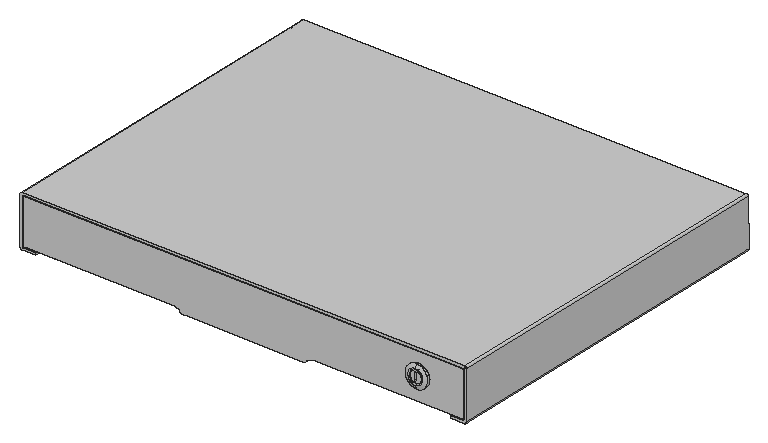
Revit family "Human_Solution-UPLIFT_Desk_Storage-STR008", category Furniture, Revit 2014
Parameters (values of type "Storage STR008")
  Width = 17.17913"
  Unit = HMS - Aluminum
  URL = "https://www.thehumansolution.com/"
  Type Comments = "Storage"  # constant formula
  Salvage or Reuse = yes
  Percentage of Recycled Content = 0
  Model = "STR008"
  Material = ""
  Manufacturer = "Human Solution"  # constant formula
  Low Emitting Material = yes
  Low Emitting Finish = yes
  Keynote = "12500"
  Height = 4.33071"
  Description = "Storage 17.25\"W 13.5\"D 4.5\"H"
  Depth = 13.50793"
  Assembly Code = "E2020200"
Reference planes (in)
  plane 1 "Center Front/Back": y = 2.76295
  plane 2: z = 0
  plane 3 "Center Left/Right": x = 0
  plane 4: x = -8.58957
  plane 5: x = 8.58957
  plane 6: z = 4.33071
  plane 7: y = -10.74498
  plane 8: y = -3.99102
Forms (in)
  Sweep 1, solid, material "HMS - Aluminum" <- "Unit"
    path origin (0, 0, 0) x (1, 0, 0) y (0, 1, 0)
      loop
        line (0, 2.76295) -> (0, -10.74498)
    profile origin (0, -3.99102, 0) x (1, 0, 0) y (0, 0, 1)
      loop
        line (8.49738, 1.9685) -> (-8.47112, 1.9685)
        arc (-8.47112, 1.9685) -> (-8.5268, 1.94544) -> (-8.54987, 1.88976) r 0.07874
        line (-8.54987, 1.88976) -> (-8.54987, 0.07874)
        arc (-8.54987, 0.07874) -> (-8.5268, 0.02306) -> (-8.47112, 0) r 0.07874
        line (-8.47112, 0) -> (-7.95931, 0) -> (-7.95931, 0.07874) -> (-8.47112, 0.07874) -> (-8.47112, 1.88976) -> (8.49738, 1.88976) -> (8.49738, 0.07874) -> (7.98557, 0.07874) -> (7.98557, 0) -> (8.49738, 0)
        arc (8.49738, 0) -> (8.55306, 0.02306) -> (8.57612, 0.07874) r 0.07874
        line (8.57612, 0.07874) -> (8.57612, 1.88976)
        arc (8.57612, 1.88976) -> (8.55306, 1.94544) -> (8.49738, 1.9685) r 0.07874
  Extrusion 2, solid, material "HMS - Aluminum" <- "Unit"
    sketch origin (0, 2.76295, 0) x (-1, 0, 0) y (0, 0, 1)
      loop
        line (-7.98557, 0) -> (7.95931, 0) -> (7.95931, 0.07874) -> (8.47112, 0.07874) -> (8.47112, 1.88976) -> (-8.49738, 1.88976) -> (-8.49738, 0.07874) -> (-7.98557, 0.07874) -> (-7.98557, 0)
    from 0 to -0.07874
  Extrusion 3, solid, material "HMS - Aluminum" <- "Unit"
    sketch origin (0, 2.76295, 0) x (1, 0, 0) y (0, 0, 1)
      loop
        line (-2.24552, -0.05906) -> (2.27178, -0.05906)
        arc (2.27178, -0.05906) -> (2.36745, -0.04003) -> (2.44856, 0.01417) r 0.25
        line (2.44856, 0.01417) -> (2.47927, 0.04489)
        arc (2.47927, 0.04489) -> (2.56038, 0.09908) -> (2.65605, 0.11811) r 0.25
        line (2.65605, 0.11811) -> (8.41864, 0.11811)
        arc (8.41864, 0.11811) -> (8.44648, 0.12964) -> (8.45801, 0.15748) r 0.03937
        line (8.45801, 0.15748) -> (8.45801, 1.81102)
        arc (8.45801, 1.81102) -> (8.44648, 1.83886) -> (8.41864, 1.85039) r 0.03937
        line (8.41864, 1.85039) -> (-8.39238, 1.85039)
        arc (-8.39238, 1.85039) -> (-8.42022, 1.83886) -> (-8.43175, 1.81102) r 0.03937
        line (-8.43175, 1.81102) -> (-8.43175, 0.15748)
        arc (-8.43175, 0.15748) -> (-8.42022, 0.12964) -> (-8.39238, 0.11811) r 0.03937
        line (-8.39238, 0.11811) -> (-2.6298, 0.11811)
        arc (-2.6298, 0.11811) -> (-2.53413, 0.09908) -> (-2.45302, 0.04489) r 0.25
        line (-2.45302, 0.04489) -> (-2.4223, 0.01417)
        arc (-2.4223, 0.01417) -> (-2.3412, -0.04003) -> (-2.24552, -0.05906) r 0.25
    from 13.42126 to 13.5
  Extrusion 4, solid, material "HMS - Aluminum" <- "Unit"
    sketch origin (0, 0, 0) x (0, 1, 0) y (0, 0, 1)
      loop
        line (-10.65831, 1.69291) -> (-10.65831, 0.31791) -> (2.01295, 0.31791) -> (2.01295, 1.69291) -> (-10.65831, 1.69291)
    from -7.95931 to 7.98557
  Extrusion 5, solid, material "HMS - Aluminum" <- "Unit"
    sketch origin (-7.95931, -9.16225, 1) x (0, 0, 1) y (1, 0, 0)
      loop
        line (-1, 5.40945) -> (-1, 0) -> (-0.92126, 0) -> (-0.92126, 5.39076) -> (-0.76378, 5.70375) -> (-0.76378, 10.24113) -> (-0.92126, 10.55413) -> (-0.92126, 15.94488) -> (-1, 15.94488) -> (-1, 10.53543) -> (-0.84252, 10.22244) -> (-0.84252, 5.72244) -> (-1, 5.40945)
    from 0 to -1.37795
  Revolve 6, solid, material "HMS - Aluminum" <- "Unit"
    sketch origin (6.70313, 0, 0) x (0, 1, 0) y (0, 0, 1)
      loop
        line (-10.73705, 1.44718) -> (-10.79465, 1.44718) -> (-10.84705, 1.30322) -> (-10.84705, 1.24414) -> (-10.73705, 1.24414) -> (-10.73705, 1.44718)
      axis (-10.84705, 1.01289) -> (-10.73705, 1.01289)
    angle from 0 to 360
  Extrusion 7, solid, material "HMS - Aluminum" <- "Unit"
    sketch origin (0, 2.76295, 0) x (1, 0, 0) y (0, 0, 1)
      loop
        circle (6.70313, 1.01289) r 0.23125
      loop
        line (6.74801, 1.18791) -> (6.66801, 1.18791) -> (6.66801, 0.88699) -> (6.66801, 0.82291) -> (6.74801, 0.82291) -> (6.74801, 0.88699) -> (6.74801, 1.18791)
    from 13.61 to 13.50793
Lines and regions (in)
  symbolic lines
    curve 1: line (-8.47112, 2.68421, 0) -> (8.57612, 2.68421, 0)
    curve 2: line (-8.47112, -10.74498, 0) -> (-8.47112, 2.68421, 0)
    curve 3: line (8.57612, -10.74498, 0) -> (-8.47112, -10.74498, 0)
    curve 4: line (8.57612, 2.68421, 0) -> (8.57612, -10.74498, 0)
Dimensions and locks (in)
  "Width": plane 4 to plane 5
  "Height": plane 6 to plane 2
  "Depth": plane 7 to plane 1 "Center Front/Back"
  equal spacing: plane 4, plane 3 "Center Left/Right", plane 5
  equal spacing: plane 7, plane 8, plane 1 "Center Front/Back"
  aligned and locked: level to plane 2
  aligned and locked: Sweep 1 sketch curve to plane 3 "Center Left/Right"
  aligned and locked: Sweep 1 to Extrusion 7
  aligned and locked: Revolve 6 to Extrusion 7
  aligned and locked: curve 1 to Extrusion 2
  aligned and locked: curve 2 to Extrusion 2
  aligned and locked: curve 3 to Sweep 1
  aligned and locked: curve 4 to Sweep 1
Automatic sketch dimensions
  Sweep 1 sketch curve to plane 7 = 0"
  plane 1 "Center Front/Back" to Sweep 1 sketch curve = 0"
  Sweep 1 sketch curve to level = 0"  (x2)
  level to Sweep 1 sketch curve = 0.07874"  (x2)
  profile plane to Sweep 1 sketch curve = 8.54987"
  Sweep 1 sketch curve to Sweep 1 sketch curve = 0.07874"  (x2)
  Sweep 1 sketch curve to Sweep 1 sketch curve = 0"  (x5)
  Sweep 1 sketch curve to Sweep 1 sketch curve = 0.51181"  (x2)
  Sweep 1 sketch curve to profile plane = 7.98557"
  Sweep 1 sketch curve to Sweep 1 sketch curve = 1.81102"
  Sweep 1 to Extrusion 2 sketch curve = 0"
  Extrusion 2 sketch curve to Sweep 1 = 0"  (x7)
  plane 4 to Extrusion 3 sketch curve = 0.15781"
  Extrusion 3 sketch curve to Extrusion 3 sketch curve = 0.03937"  (x3)
  Extrusion 3 sketch curve to level = 0.13189"  (x2)
  Extrusion 3 sketch curve to plane 3 "Center Left/Right" = 2.6298"
  level to Extrusion 3 sketch curve = 0.04489"  (x2)
  Extrusion 3 sketch curve to Extrusion 3 sketch curve = 0.17678"  (x4)
  level to Extrusion 3 sketch curve = 0.01417"  (x2)
  Extrusion 3 sketch curve to Extrusion 3 sketch curve = 0.03072"  (x2)
  Extrusion 3 sketch curve to level = 0.05906"
  plane 3 "Center Left/Right" to Extrusion 3 sketch curve = 2.27178"
  Extrusion 3 sketch curve to plane 5 = 0.17093"  (x2)
  Extrusion 3 sketch curve to Extrusion 3 sketch curve = 1.65354"
  plane 7 to Extrusion 4 sketch curve = 0.08667"
  level to Extrusion 4 sketch curve = 0.31791"
  plane 1 "Center Front/Back" to Extrusion 4 sketch curve = 3/4"
  Extrusion 4 sketch curve to Extrusion 4 sketch curve = 1 3/8"
  Revolve 6 sketch curve to plane 7 = 0.10207"  (x2)
  Revolve 6 sketch curve to plane 7 = 0.04967"
  plane 7 to Revolve 6 sketch curve = 0.00793"
  level to Revolve 6 sketch curve = 1.24414"
  Revolve 6 sketch curve to Revolve 6 sketch curve = 0.05908"
  Revolve 6 sketch curve to Revolve 6 sketch curve = 0.14396"
  Revolve 6 sketch curve to plane 7 = 0.03527"
  Revolve 6 sketch curve to Revolve 6 sketch curve = 0.23125"
  Extrusion 7 sketch curve to plane 5 = 1.92156"
  Extrusion 7 sketch curve to Extrusion 7 sketch curve = 0.03512"
  Extrusion 7 sketch curve to Extrusion 7 sketch curve = 0.04488"
  level to Extrusion 7 sketch curve = 0.82291"
  Extrusion 7 sketch curve to Extrusion 7 sketch curve = 0.06407"  (x2)
  Extrusion 7 sketch curve to Extrusion 7 sketch curve = 0.1259"
  Extrusion 7 sketch curve to Extrusion 7 sketch curve = 0.17502"
  Extrusion 7 sketch curve to Extrusion 7 sketch curve = 0.04127"
  Extrusion 5 sketch curve to level = 0"  (x2)
  level to Extrusion 5 sketch curve = 0.07874"  (x2)
  level to Extrusion 5 sketch curve = 0.15748"
  Extrusion 5 sketch curve to Extrusion 5 sketch curve = 0.07874"
  plane 4 to Extrusion 5 sketch curve = 0.63025"
  Extrusion 5 sketch curve to plane 3 "Center Left/Right" = 2.56856"
  Extrusion 5 sketch curve to Extrusion 5 sketch curve = 0.01869"  (x4)
  Extrusion 5 sketch curve to Extrusion 5 sketch curve = 0.31299"  (x2)
  plane 3 "Center Left/Right" to Extrusion 5 sketch curve = 2.26313"
  Extrusion 5 sketch curve to plane 5 = 0.604"
